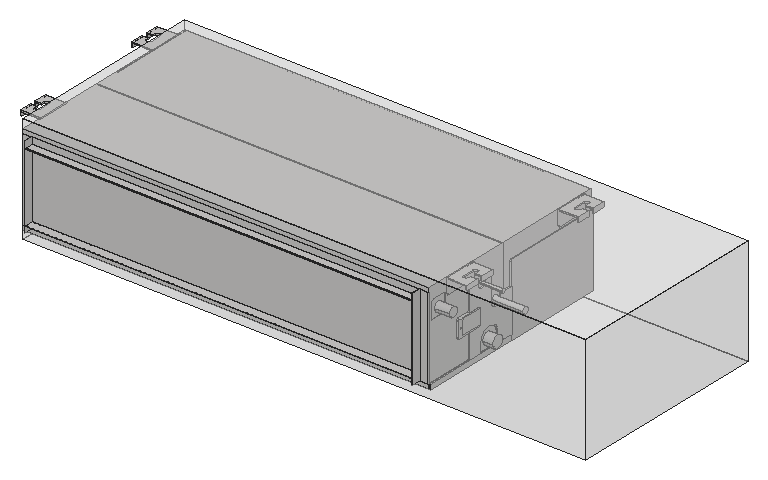
Revit family "outputfile", category 機械設備, Revit 2024
Family settings
  丸型コネクタ寸法 = 半径を使用
  パーツ タイプ = 標準
  OmniClass 番号 = 23.75.10.24.21.27.27
  OmniClass タイトル = Split System Air Conditioning Units
  作業面ベース = いいえ
  常に垂直 = はい
  ロード時にボイドで切り取り = いいえ
  注釈の向きを維持 = いいえ
  共有 = いいえ
  部屋計算ポイント = はい
Parameters (values of type "FXDQ40TV1CA")
  Description = ""
  製造元 = "Daikin"
  書き出し IFC クラス(タイプ) = "IfcUnitaryEquipmentType"
  定義済み IFC タイプ(タイプ) = "AIRCONDITIONINGUNIT"
  Cost = 0
  モデル = "FXDQ40TV1CA"
  Type Comments = ""
  Keynote = ""
  Type Image = (empty or 0)
  Assembly Code = ""
  r_Liquid Pipe Size = Liquid Pipe Size / 2  # 3.2 mm
  r_Gas Pipe Size = Gas Pipe Size / 2  # 6.35 mm
  r_Drain Pipe Size = Drain Pipe Size / 2  # 10.0 mm
  lw_powersuply = 65.0 mm  # constant formula
  lh_suctionflange [instance] = [h***] + 100.5 mm  # 100.5 mm
  lh_mounting = lh_mountinghole + [h***]  # 200.0 mm
  ld_suctionflange [instance] = if(and(Rear Connection_Return Air, Width = 700.0 mm), 94.5 mm, if(and(Rear Connection_Return Air, Width = 900.0 mm), 94.0 mm, if(and(Rear Connection_Return Air, Width = 1100.0 mm), 94.0 mm, 100.5 mm)))  # 94.0 mm
  ld_powersuply = 64.0 mm  # constant formula
  ld_mountinghole_Back = if(Width = 900.0 mm, 169.0 mm, 165.0 mm)  # 169.0 mm
  ld_mountinghole_Front = if(Width = 900.0 mm, 140.0 mm, 144.0 mm)  # 140.0 mm
  ld_RA_below = if(Width = 700.0 mm, 189.0 mm, 188.0 mm)  # 188.0 mm
  ld_RA = if(Width = 700.0 mm, 94.5 mm, 94.0 mm)  # 94.0 mm
  angle_vertical_RA [instance] = if(Rear Connection_Return Air, 90.00°, 0.00°)  # 90.00°
  angle horizontal_RA [instance] = if(Rear Connection_Return Air, 180.00°, 270.00°)  # 180.00°
  Voltage_comment_50Hz = "220-240"
  Voltage_50Hz = 220 V
  URL = ""
  Supply Air Direction [instance] = yes
  Sound Power Level_H speed (dB) = 0
  Rear Connection_Return Air [instance] = not(Bottom Connection_Return Air)  # yes
  Phase_50Hz = 1
  Minimum External Static Pressure = 10.00 Pa
  Minimum Circuit Amps_50Hz = 1.9 A
  Maximum Fuse Amps_50Hz = 15.0 A
  Maximum External Static Pressure = 60.00 Pa
  Material_Casing = DAIKIN_GalvanizedSteel_Casing_indoorunit
  ld_liquidpipe = 142.0 mm  # constant formula
  ld_gaspipe = 181.0 mm  # constant formula
  lw_mountinghole = Width + 52.0 mm  # 952.0 mm
  ld_drainpipe = 28.0 mm  # constant formula
  lh_liquidpipe = 151.0 mm
  lh_gaspipe = 101.0 mm
  lh_mountinghole = 200.0 mm  # constant formula
  lh_drainpipe = 152.0 mm  # constant formula
  h_antenna = Height - lh_mountinghole + 1.0 mm  # 1.0 mm
  h*** = 0.0 mm  # constant formula
  Width = 900.0 mm
  Version = "ver.1.0"
  Unit Type = "Slim Duct (Standard) Type"
  Unit Mass Weight = 21.00 kg
  Unit Designation [instance] = ""
  Uniclass2015Version = "Products v1.30"
  Uniclass2015Title = "Variable refrigerant flow units"
  Uniclass2015Code = "Pr_70_65_03_94"
  Total Heating Capacity [instance] = 0.000 kW
  Total Cooling Capacity [instance] = 0.000 kW
  Sound Pressure Level_M speed (dBA) = 0
  Sound Pressure Level_L speed (dBA) = 29
  Sound Pressure Level_H speed (dBA) = 34
  Series = "VRV Fan Coil Unit"
  Sensible Cooling Capacity [instance] = 0.000 kW
  SA Duct Size Width = if(Width = 900.0 mm, 860.0 mm, if(Width = 1100.0 mm, 1060.0 mm, 660.0 mm))  # 860.0 mm
  SA Duct Size Height = 153.0 mm  # constant formula
  Refrigerant Type = "R410A"
  RA Duct Size Width = if(Width = 900.0 mm, 775.0 mm, if(Width = 1100.0 mm, 975.0 mm, 575.0 mm))  # 775.0 mm
  RA Duct Size Height [instance] = if(Rear Connection_Return Air, 163.0 mm, if(Width = 700.0 mm, 153.0 mm, 152.0 mm))  # 163.0 mm
  Power Input (Heating) = 0.050 kW
  Power Input (Cooling) = 0.050 kW
  Option Accessory 3 [instance] = ""
  Option Accessory 2 [instance] = ""
  Option Accessory 1 [instance] = ""
  Nominal Heating Capacity = 5.000 kW
  Nominal Cooling Capacity = 4.500 kW
  Minimum Airflow = 0.00 m³/h
  Median Airflow = 0.00 m³/h
  Maximum Airflow = 756.00 m³/h
  Load Classification = HVAC
  Liquid Pipe Size = 6.4 mm
  Link_Nested Family [instance] = ""
  IfcVersion = "0"
  IfcExportType = "AIRCONDITIONINGUNIT"
  IfcExportAs = "IfcUnitaryEquipmentType"
  Height = 200.0 mm
  Heating Entering Wet Bulb Temperature [instance] = 0.00 °C
  Heating Entering Dry Bulb Temperature [instance] = 0.00 °C
  Heating Ambient Wet Bulb Temperature [instance] = 0.00 °C
  Heating Ambient Dry Bulb Temperature [instance] = 0.00 °C
  Heat Exchanger Type = "Cross Fin Coil"
  Gas Pipe Size = 12.7 mm
  Frequency_50Hz = 50 Hz
  Fan Type = "Sirocco Fan"
  Fan Drive = "Direct Drive"
  FCU Tag No. [instance] = ""
  Drain Pipe Size = 20.0 mm
  Design Supply Airflow [instance] = 0.00 m³/h
  Design Return Airflow [instance] = 0.00 m³/h
  Design External Static Pressure [instance] = 0.00 Pa
  Depth = 450.0 mm
  既定の高さ = 0.0 mm
  Cooling Entering Wet Bulb Temperature [instance] = 0.00 °C
  Cooling Entering Dry Bulb Temperature [instance] = 0.00 °C
  Cooling Ambient Wet Bulb Temperature [instance] = 0.00 °C
  Cooling Ambient Dry Bulb Temperature [instance] = 0.00 °C
  Clearance visibility [instance] = yes
  Clearance Top = 20.0 mm
  Clearance Right = 350.0 mm
  Clearance Rear = 0.0 mm
  Clearance Left = 0.0 mm
  Clearance Front = 0.0 mm
  Clearance Bottom = 20.0 mm
  Bottom Connection_Return Air [instance] = no
Reference planes
  plane 1 "Center (Front/Back)": y = 0
  plane 2 "Bottom": z = -200
  plane 3 "Center (Left/Right)": x = 0
  plane 4 "Back": y = 225
  plane 5 "Front": y = -225
  plane 6 "Left": x = -450
  plane 7 "Right": x = 450
  plane 8 "Top": z = 0
  plane 9 "BB": y = -20
  plane 10 "condensate water pan": z = -190
  plane 11 "Below": z = -200
  plane 12 "Other components Right": x = 455
  plane 13 "Other components Left": x = 445
  plane 14 "lh_drainpipe": z = -48
  plane 15 "ld_drainpipe": y = -197
  plane 16 "drainpipe": x = 483
  plane 17 "lh_liquidpipe": z = -49
  plane 18 "ld_liquidpipe": y = -83
  plane 19 "ld_gaspipe": y = -44
  plane 20 "lh_gaspipe": z = -99
  plane 21: x = 503
  plane 22: x = 520
  plane 23: x = 474
  plane 24 "w_mountinghole_Left": x = -476
  plane 25 "w_mountinghole_Right": x = 476
  plane 26 "d_mountinghole_Back": y = 169
  plane 27 "d_mountinghole_Front": y = -140
  plane 28 "h_mountinghole": z = 0
  plane 29 "lw_powersuply": x = 385
  plane 30 "ld_powersuply": y = -161
  plane 31 "Clearance Left": x = -450
  plane 32 "Clearance Right": x = 800
  plane 33 "Clearance Rear": y = 225
  plane 34 "Clearance Front": y = -225
  plane 35 "Clearance Bottom": z = -220
  plane 36 "Clearance Top": z = 20
  plane 37 "RA": y = 224
  plane 38: z = -199
  plane 39 "RA_d": y = 131
  plane 40 "RA_w": x = -51.5
  plane 41 "RA_h": z = -99.5
  plane 42 "SA_h": z = -99
  plane 43 "RA_dd": y = 37
Forms (mm)
  Extrusion 1, solid, material "DAIKIN_GalvanizedSteel_Casing_indoorunit" <- "Material_Casing"
    sketch origin (0, 0, 100) x (0, 1, 0) y (0, 0, 1)
      loop
        line (-20, -100) -> (-20, -300) -> (225, -300) -> (225, -100) -> (-20, -100)
    from -450 to 450
  Extrusion 2, solid, material "DAIKIN_GalvanizedSteel_Casing_indoorunit" <- "Material_Casing"
    sketch origin (0, 0, 100) x (0, 1, 0) y (0, 0, 1)
      loop
        line (-225, -100) -> (-225, -290) -> (-20, -290) -> (-20, -100) -> (-225, -100)
    from -450 to 450
  Extrusion 3, solid, material "DAIKIN_GalvanizedSteel_Casing_indoorunit" <- "Material_Casing"
    sketch origin (0, 0, 100) x (0, 1, 0) y (0, 0, 1)
      loop
        line (-225, -290) -> (-225, -300) -> (-20, -300) -> (-20, -290) -> (-225, -290)
    from -450 to 450
  Extrusion 4, solid, material "DAIKIN_GalvanizedSteel_Casing_indoorunit" <- "Material_Casing"
    sketch origin (0, 0, 0) x (0, 1, 0) y (0, 0, 1)
      loop
        arc (2, -40) -> (-0.121, -40.879) -> (-1, -43) r 3
        line (-1, -43) -> (-1, -197)
        arc (-1, -197) -> (-0.121, -199.121) -> (2, -200) r 3
        line (2, -200) -> (225, -200) -> (225, -40) -> (2, -40)
    from 450 to 455
  Extrusion 5, solid, material "DAIKIN_GalvanizedSteel_Casing_indoorunit" <- "Material_Casing"
    sketch origin (620, 0, 0) x (0, 1, 0) y (0, 0, 1)
      loop
        line (-225, -190) -> (-225, -200) -> (-2, -200) -> (-2, -193)
        arc (-2, -193) -> (-2.879, -190.879) -> (-5, -190) r 3
        line (-5, -190) -> (-225, -190)
    from -170 to -165
  Extrusion 6, void
    sketch origin (0, 0, 0) x (0, 1, 0) y (0, 0, 1)
      loop
        arc (-145.64, -94.17) -> (-147.761, -95.049) -> (-148.64, -97.17) r 3
        line (-148.64, -97.17) -> (-148.64, -131.17)
        arc (-148.64, -131.17) -> (-147.761, -133.291) -> (-145.64, -134.17) r 3
        line (-145.64, -134.17) -> (-91.78, -134.17)
        arc (-91.78, -134.17) -> (-89.659, -133.291) -> (-88.78, -131.17) r 3
        line (-88.78, -131.17) -> (-88.78, -97.17)
        arc (-88.78, -97.17) -> (-89.659, -95.049) -> (-91.78, -94.17) r 3
        line (-91.78, -94.17) -> (-145.64, -94.17)
    from 445 to 455
  Extrusion 7, void
    sketch origin (460, 0, 0) x (0, 1, 0) y (0, 0, 1)
      loop
        arc (-212.95, -27.05) -> (-216.486, -28.514) -> (-217.95, -32.05) r 5
        line (-217.95, -32.05) -> (-217.95, -63.95)
        arc (-217.95, -63.95) -> (-216.486, -67.486) -> (-212.95, -68.95) r 5
        line (-212.95, -68.95) -> (-181.05, -68.95)
        arc (-181.05, -68.95) -> (-177.514, -67.486) -> (-176.05, -63.95) r 5
        line (-176.05, -63.95) -> (-176.05, -32.05)
        arc (-176.05, -32.05) -> (-177.514, -28.514) -> (-181.05, -27.05) r 5
        line (-181.05, -27.05) -> (-212.95, -27.05)
    from -15 to -5
  Extrusion 8, solid, material "DAIKIN_GalvanizedSteel_Casing_indoorunit" <- "Material_Casing"
    sketch origin (700, 0, 0) x (0, 1, 0) y (0, 0, 1)
      loop
        line (-116.823, -42) -> (-116.823, -190) -> (-87.438, -190) -> (-87.438, -167.881)
        arc (-87.438, -167.881) -> (-62.998, -143.441) -> (-38.558, -167.881) r 24.44
        line (-38.558, -167.881) -> (-38.558, -190) -> (-1, -190) -> (-1, -92.773) -> (-27.497, -92.773)
        arc (-27.497, -92.773) -> (-28.911, -93.359) -> (-29.497, -94.773) r 2
        line (-29.497, -94.773) -> (-29.497, -99)
        arc (-29.497, -99) -> (-43.997, -113.5) -> (-58.497, -99) r 14.5
        line (-58.497, -99) -> (-58.497, -42.3)
        arc (-58.497, -42.3) -> (-59.171, -40.674) -> (-60.797, -40) r 2.3
        line (-60.797, -40) -> (-69, -40)
        arc (-69, -40) -> (-70.414, -40.586) -> (-71, -42) r 2
        line (-71, -42) -> (-71, -49)
        arc (-71, -49) -> (-83, -61) -> (-95, -49) r 12
        line (-95, -49) -> (-95, -42)
        arc (-95, -42) -> (-95.586, -40.586) -> (-97, -40) r 2
        line (-97, -40) -> (-114.823, -40)
        arc (-114.823, -40) -> (-116.237, -40.586) -> (-116.823, -42) r 2
    from -250 to -245
  Extrusion 9, solid, material "DAIKIN_GalvanizedSteel_Casing_indoorunit" <- "Material_Casing"
    sketch origin (0, 0, 0) x (0, 1, 0) y (0, 0, 1)
      loop
        line (-91.78, -95.17) -> (-145.64, -95.17)
        arc (-145.64, -95.17) -> (-147.054, -95.756) -> (-147.64, -97.17) r 2
        line (-147.64, -97.17) -> (-147.64, -131.17)
        arc (-147.64, -131.17) -> (-147.054, -132.584) -> (-145.64, -133.17) r 2
        line (-145.64, -133.17) -> (-91.78, -133.17)
        arc (-91.78, -133.17) -> (-90.366, -132.584) -> (-89.78, -131.17) r 2
        line (-89.78, -131.17) -> (-89.78, -97.17)
        arc (-89.78, -97.17) -> (-90.366, -95.756) -> (-91.78, -95.17) r 2
    from 445 to 455
  Extrusion 10, solid, material "DAIKIN_GalvanizedSteel_Casing_indoorunit" <- "Material_Casing"
    sketch origin (0, 0, 0) x (0, 1, 0) y (0, 0, 1)
      loop
        line (-89.78, -97.67) -> (-136.14, -97.67) -> (-136.14, -130.67) -> (-89.78, -130.67) -> (-89.78, -97.67)
      loop
        circle (-142.64, -114.17) r 1.5
    from 450 to 455
  Extrusion 11, solid, material "DAIKIN_GalvanizedSteel_Casing_indoorunit" <- "Material_Casing"
    sketch origin (0, 0, 0) x (0, 1, 0) y (0, 0, 1)
      loop
        circle (-197, -48) r 10
    from 450 to 483
  Extrusion 12, solid, material "DAIKIN_GalvanizedSteel_Casing_indoorunit" <- "Material_Casing"
    sketch origin (0, 0, 0) x (0, 1, 0) y (0, 0, 1)
      loop
        circle (-83, -49) r 3.2
    from 450 to 503
  Extrusion 13, solid, material "DAIKIN_GalvanizedSteel_Casing_indoorunit" <- "Material_Casing"
    sketch origin (0, 0, 0) x (0, 1, 0) y (0, 0, 1)
      loop
        circle (-44, -99) r 6.35
    from 450 to 520
  Extrusion 14, solid, material "DAIKIN_GalvanizedSteel_Casing_indoorunit" <- "Material_Casing"
    sketch origin (0, 0, 0) x (0, 1, 0) y (0, 0, 1)
      loop
        circle (-62.998, -169) r 13
    from 450 to 474
  Extrusion 15, void
    sketch origin (0, 0, 0) x (1, 0, 0) y (0, 0, 1)
      loop
        line (346, -1) -> (-449, -1) -> (-449, -200) -> (346, -200) -> (346, -1)
    from -225 to -37
  Extrusion 16, solid, material "DAIKIN_GalvanizedSteel_Casing_indoorunit" <- "Material_Casing", visible <- "Bottom Connection_Return Air"
    sketch origin (0, 0, 0) x (1, 0, 0) y (0, 0, 1)
      loop
        line (346, -1) -> (-449, -1) -> (-449, -200) -> (346, -200) -> (346, -1)
    from -225 to -224
  Extrusion 17, solid, material "DAIKIN_GalvanizedSteel_Casing_indoorunit" <- "Material_Casing", visible <- "Rear Connection_Return Air"
    sketch origin (0, 0, 0) x (1, 0, 0) y (0, 1, 0)
      loop
        line (-449, 37) -> (346, 37) -> (346, 225) -> (-449, 225) -> (-449, 37)
    from -200 to -199
Cuts and joins
  Extrusion 6, Extrusion 7 cuts Extrusion 2
  Extrusion 6 cuts Extrusion 8
  Extrusion 15 cuts Extrusion 1
Dimensions and locks
  locked: plane 9 "BB" to plane 1 "Center (Front/Back)" at 20
  equal spacing: plane 4 "Back", plane 1 "Center (Front/Back)", plane 5 "Front"
  "Depth": plane 4 "Back" to plane 5 "Front"
  plane 9 "BB" to plane 4 "Back" = 245.0 mm
  plane 5 "Front" to plane 9 "BB" = 205.0 mm
  equal spacing: plane 6 "Left", plane 3 "Center (Left/Right)", plane 7 "Right"
  "Width": plane 6 "Left" to plane 7 "Right"
  locked: plane 1 "Center (Front/Back)" to plane 9 "BB" at 20
  "h***": plane 11 "Below" to plane 2 "Bottom"
  locked: plane 10 "condensate water pan" to plane 11 "Below" at 10
  "Height": plane 8 "Top" to plane 11 "Below"
  locked: Extrusion 4 sketch curve to plane 4 "Back" at 226
  locked: Extrusion 4 sketch curve to plane 11 "Below" at 160
  locked: plane 7 "Right" to plane 12 "Other components Right" at 5
  locked: plane 13 "Other components Left" to plane 7 "Right" at 5
  "lh_drainpipe": plane 14 "lh_drainpipe" to plane 11 "Below"
  plane 5 "Front" to plane 15 "ld_drainpipe" = 28.0 mm
  "ld_drainpipe": plane 15 "ld_drainpipe" to plane 5 "Front"
  locked: plane 7 "Right" to plane 16 "drainpipe" at 33
  "lh_liquidpipe": plane 17 "lh_liquidpipe" to plane 11 "Below"
  "ld_liquidpipe": plane 18 "ld_liquidpipe" to plane 5 "Front"
  "ld_gaspipe": plane 19 "ld_gaspipe" to plane 5 "Front"
  plane 5 "Front" to plane 18 "ld_liquidpipe" = 142.0 mm
  plane 5 "Front" to plane 19 "ld_gaspipe" = 181.0 mm
  "lh_gaspipe": plane 20 "lh_gaspipe" to plane 11 "Below"
  locked: plane 7 "Right" to plane 21 at 53
  locked: plane 7 "Right" to plane 22 at 70
  locked: plane 7 "Right" to plane 23 at 24
  equal spacing: plane 24 "w_mountinghole_Left", plane 3 "Center (Left/Right)", plane 25 "w_mountinghole_Right"
  "lw_mountinghole": plane 24 "w_mountinghole_Left" to plane 25 "w_mountinghole_Right"
  plane 26 "d_mountinghole_Back" to plane 27 "d_mountinghole_Front" = 309.0 mm
  "lh_mountinghole": plane 28 "h_mountinghole" to plane 11 "Below"
  "lw_powersuply": plane 29 "lw_powersuply" to plane 7 "Right"
  "ld_powersuply": plane 5 "Front" to plane 30 "ld_powersuply"
  "Clearance Rear": plane 33 "Clearance Rear" to plane 4 "Back"
  "Clearance Front": plane 5 "Front" to plane 34 "Clearance Front"
  "Clearance Bottom": plane 11 "Below" to plane 35 "Clearance Bottom"
  "Clearance Top": plane 36 "Clearance Top" to plane 8 "Top"
  "Clearance Left": plane 31 "Clearance Left" to plane 6 "Left"
  "Clearance Right": plane 7 "Right" to plane 32 "Clearance Right"
  locked: cut or joined group of Extrusion 1, Extrusion 15 to plane 6 "Left" at 1
  locked: plane 7 "Right" to cut or joined group of Extrusion 1, Extrusion 15 at 104
  locked: plane 4 "Back" to plane 37 "RA" at 1
  locked: plane 6 "Left" to Extrusion 17 sketch curve at 1
  locked: Extrusion 17 sketch curve to plane 7 "Right" at 104
  locked: plane 38 to plane 11 "Below" at 1
  locked: plane 40 "RA_w" to plane 3 "Center (Left/Right)" at 51.5
  "ld_RA": plane 39 "RA_d" to plane 4 "Back"
  locked: plane 11 "Below" to plane 41 "RA_h" at 100.5
  locked: plane 11 "Below" to plane 42 "SA_h" at 101
  "ld_mountinghole_Back": plane 26 "d_mountinghole_Back" to plane 1 "Center (Front/Back)"
  "ld_mountinghole_Front": plane 27 "d_mountinghole_Front" to plane 1 "Center (Front/Back)"
  "ld_RA_below": plane 4 "Back" to plane 43 "RA_dd"
  "r_Liquid Pipe Size": radius of Extrusion 12 sketch curve
  "r_Gas Pipe Size": radius of Extrusion 13 sketch curve
  "r_Drain Pipe Size": radius of Extrusion 11 sketch curve
  aligned and locked: Extrusion 1 sketch curve to plane 8 "Top"
  aligned and locked: Extrusion 1 sketch curve to plane 9 "BB"
  aligned and locked: Extrusion 1 sketch curve to plane 4 "Back"
  aligned and locked: Extrusion 2 sketch curve to plane 9 "BB"
  aligned and locked: Extrusion 2 sketch curve to plane 8 "Top"
  aligned and locked: plane 5 "Front" to Extrusion 2 sketch curve
  aligned and locked: Extrusion 1 to plane 6 "Left"
  aligned and locked: plane 7 "Right" to Extrusion 1
  aligned and locked: Extrusion 2 to plane 6 "Left"
  aligned and locked: plane 7 "Right" to Extrusion 2
  aligned and locked: plane 10 "condensate water pan" to Extrusion 2 sketch curve
  aligned and locked: Extrusion 3 sketch curve to plane 10 "condensate water pan"
  aligned and locked: plane 5 "Front" to Extrusion 3 sketch curve
  aligned and locked: plane 9 "BB" to Extrusion 3 sketch curve
  aligned and locked: Extrusion 3 to plane 6 "Left"
  aligned and locked: plane 7 "Right" to Extrusion 3
  aligned and locked: plane 11 "Below" to Extrusion 3
  aligned and locked: Extrusion 1 to plane 11 "Below"
  aligned and locked: plane 11 "Below" to Extrusion 4 sketch curve
  aligned and locked: Extrusion 4 sketch curve to plane 4 "Back"
  aligned and locked: Extrusion 4 to plane 7 "Right"
  aligned and locked: plane 12 "Other components Right" to Extrusion 4
  aligned and locked: Extrusion 5 sketch curve to plane 10 "condensate water pan"
  aligned and locked: plane 5 "Front" to Extrusion 5 sketch curve
  aligned and locked: plane 11 "Below" to Extrusion 5 sketch curve
  aligned and locked: Extrusion 5 to plane 7 "Right"
  aligned and locked: plane 12 "Other components Right" to Extrusion 5
  aligned and locked: Extrusion 8 to plane 7 "Right"
  aligned and locked: plane 12 "Other components Right" to Extrusion 8
  aligned and locked: Extrusion 6 to plane 13 "Other components Left"
  aligned and locked: Extrusion 7 to plane 13 "Other components Left"
  aligned and locked: plane 12 "Other components Right" to Extrusion 7
  aligned and locked: plane 12 "Other components Right" to Extrusion 6
  aligned and locked: Extrusion 10 to plane 7 "Right"
  aligned and locked: Extrusion 9 to plane 13 "Other components Left"
  aligned and locked: plane 16 "drainpipe" to Extrusion 11
  aligned and locked: Extrusion 11 to plane 7 "Right"
  aligned and locked: plane 12 "Other components Right" to Extrusion 9
  aligned and locked: plane 12 "Other components Right" to Extrusion 10
  aligned and locked: Extrusion 12 to plane 7 "Right"
  aligned and locked: plane 21 to Extrusion 12
  aligned and locked: Extrusion 13 sketch curve to plane 19 "ld_gaspipe"
  aligned and locked: plane 20 "lh_gaspipe" to Extrusion 13 sketch curve
  aligned and locked: Extrusion 12 sketch curve to plane 18 "ld_liquidpipe"
  aligned and locked: plane 17 "lh_liquidpipe" to Extrusion 12 sketch curve
  aligned and locked: plane 14 "lh_drainpipe" to Extrusion 11 sketch curve
  aligned and locked: Extrusion 11 sketch curve to plane 15 "ld_drainpipe"
  aligned and locked: Extrusion 13 to plane 7 "Right"
  aligned and locked: plane 22 to Extrusion 13
  aligned and locked: Extrusion 14 to plane 7 "Right"
  aligned and locked: plane 23 to Extrusion 14
  aligned and locked: plane 25 "w_mountinghole_Right" to nested 2
  aligned and locked: nested 2 to plane 26 "d_mountinghole_Back"
  aligned and locked: plane 28 "h_mountinghole" to nested 2
  aligned and locked: plane 27 "d_mountinghole_Front" to nested 3
  aligned and locked: plane 25 "w_mountinghole_Right" to nested 3
  aligned and locked: plane 24 "w_mountinghole_Left" to nested 4
  aligned and locked: plane 26 "d_mountinghole_Back" to nested 4
  aligned and locked: plane 24 "w_mountinghole_Left" to nested 5
  aligned and locked: nested 5 to plane 27 "d_mountinghole_Front"
  aligned and locked: plane 28 "h_mountinghole" to nested 4
  aligned and locked: plane 28 "h_mountinghole" to nested 5
  aligned and locked: plane 28 "h_mountinghole" to nested 3
  aligned and locked: plane 24 "w_mountinghole_Left" to nested 1
  aligned and locked: nested 1 to plane 26 "d_mountinghole_Back"
  aligned and locked: plane 27 "d_mountinghole_Front" to nested 6
  aligned and locked: plane 24 "w_mountinghole_Left" to nested 6
  aligned and locked: nested 7 to plane 25 "w_mountinghole_Right"
  aligned and locked: nested 7 to plane 26 "d_mountinghole_Back"
  aligned and locked: plane 27 "d_mountinghole_Front" to nested 8
  aligned and locked: nested 8 to plane 25 "w_mountinghole_Right"
  aligned and locked: plane 15 "ld_drainpipe" to nested 9
  aligned and locked: plane 7 "Right" to nested 9
  aligned and locked: plane 14 "lh_drainpipe" to nested 9
  aligned and locked: plane 7 "Right" to nested 11
  aligned and locked: plane 7 "Right" to nested 10
  aligned and locked: plane 18 "ld_liquidpipe" to nested 10
  aligned and locked: plane 19 "ld_gaspipe" to nested 11
  aligned and locked: nested 10 to plane 17 "lh_liquidpipe"
  aligned and locked: nested 11 to plane 20 "lh_gaspipe"
  aligned and locked: plane 31 "Clearance Left" to nested 12
  aligned and locked: nested 12 to plane 33 "Clearance Rear"
  aligned and locked: plane 34 "Clearance Front" to nested 12
  aligned and locked: nested 12 to plane 32 "Clearance Right"
  aligned and locked: plane 36 "Clearance Top" to nested 12
  aligned and locked: plane 35 "Clearance Bottom" to nested 12
  aligned and locked: nested 13 to plane 29 "lw_powersuply"
  aligned and locked: plane 30 "ld_powersuply" to nested 13
  aligned and locked: nested 13 to plane 20 "lh_gaspipe"
  aligned and locked: plane 3 "Center (Left/Right)" to nested 14
  aligned and locked: plane 1 "Center (Front/Back)" to nested 14
  aligned and locked: plane 1 "Center (Front/Back)" to nested 15
  aligned and locked: nested 15 to plane 11 "Below"
  aligned and locked: plane 3 "Center (Left/Right)" to nested 16
  aligned and locked: plane 3 "Center (Left/Right)" to nested 17
  aligned and locked: plane 8 "Top" to nested 16
  aligned and locked: plane 4 "Back" to Extrusion 15
  aligned and locked: plane 4 "Back" to Extrusion 16
  aligned and locked: Extrusion 16 to plane 37 "RA"
  aligned and locked: Extrusion 17 to plane 11 "Below"
  aligned and locked: plane 38 to Extrusion 17
  aligned and locked: plane 39 "RA_d" to nested 18
  aligned and locked: plane 1 "Center (Front/Back)" to nested 19
  aligned and locked: plane 3 "Center (Left/Right)" to nested 19
  aligned and locked: plane 42 "SA_h" to nested 19
  aligned and locked: nested 16 to plane 37 "RA"
  aligned and locked: nested 16 to plane 4 "Back"
  aligned and locked: nested 17 to plane 38
  aligned and locked: nested 17 to plane 37 "RA"
  aligned and locked: Extrusion 15 to plane 43 "RA_dd"
  aligned and locked: Extrusion 17 sketch curve to plane 43 "RA_dd"
  aligned and locked: level to plane 8 "Top"
Automatic sketch dimensions
  Extrusion 1 sketch curve to plane 10 "condensate water pan" = 10.0 mm
  Extrusion 3 sketch curve to plane 10 "condensate water pan" = 10.0 mm
  Extrusion 4 sketch curve to plane 10 "condensate water pan" = 7.0 mm
  Extrusion 4 sketch curve to plane 1 "Center (Front/Back)" = 2.0 mm
  plane 1 "Center (Front/Back)" to Extrusion 5 sketch curve = 2.0 mm
  Extrusion 5 sketch curve to plane 10 "condensate water pan" = 3.0 mm
  plane 5 "Front" to Extrusion 6 sketch curve = 76.36 mm
  Extrusion 6 sketch curve to Extrusion 6 sketch curve = 3.0 mm  (x3)
  Extrusion 6 sketch curve to Extrusion 6 sketch curve = 53.86 mm
  Extrusion 6 sketch curve to Extrusion 6 sketch curve = 0.0 mm
  plane 10 "condensate water pan" to Extrusion 6 sketch curve = 55.83 mm
  Extrusion 6 sketch curve to Extrusion 6 sketch curve = 34.0 mm
  plane 5 "Front" to Extrusion 7 sketch curve = 7.05 mm
  Extrusion 7 sketch curve to Extrusion 7 sketch curve = 5.0 mm  (x3)
  Extrusion 7 sketch curve to Extrusion 7 sketch curve = 31.9 mm  (x3)
  Extrusion 7 sketch curve to plane 8 "Top" = 68.95 mm
  Extrusion 8 sketch curve to plane 10 "condensate water pan" = 0.0 mm  (x2)
  Extrusion 8 sketch curve to plane 9 "BB" = 96.823 mm
  Extrusion 8 sketch curve to Extrusion 8 sketch curve = 2.0 mm  (x4)
  Extrusion 8 sketch curve to Extrusion 8 sketch curve = 17.823 mm
  Extrusion 8 sketch curve to Extrusion 8 sketch curve = 29.385 mm
  Extrusion 8 sketch curve to Extrusion 8 sketch curve = 12.0 mm
  Extrusion 8 sketch curve to Extrusion 8 sketch curve = 24.44 mm
  Extrusion 8 sketch curve to Extrusion 8 sketch curve = 8.203 mm
  Extrusion 8 sketch curve to plane 9 "BB" = 38.497 mm
  Extrusion 8 sketch curve to Extrusion 8 sketch curve = 14.5 mm
  plane 1 "Center (Front/Back)" to Extrusion 8 sketch curve = 1.0 mm
  Extrusion 8 sketch curve to Extrusion 8 sketch curve = 22.119 mm
  Extrusion 8 sketch curve to Extrusion 8 sketch curve = 68.881 mm
  Extrusion 8 sketch curve to Extrusion 8 sketch curve = 4.227 mm
  Extrusion 8 sketch curve to plane 8 "Top" = 49.0 mm
  Extrusion 8 sketch curve to Extrusion 8 sketch curve = 6.7 mm
  Extrusion 8 sketch curve to Extrusion 8 sketch curve = 7.0 mm
  plane 5 "Front" to Extrusion 9 sketch curve = 79.36 mm
  Extrusion 9 sketch curve to Extrusion 9 sketch curve = 2.0 mm  (x3)
  Extrusion 9 sketch curve to Extrusion 9 sketch curve = 53.86 mm
  Extrusion 9 sketch curve to Extrusion 9 sketch curve = 0.0 mm
  plane 10 "condensate water pan" to Extrusion 9 sketch curve = 56.83 mm
  Extrusion 9 sketch curve to Extrusion 9 sketch curve = 34.0 mm
  plane 5 "Front" to Extrusion 10 sketch curve = 82.36 mm
  Extrusion 10 sketch curve to Extrusion 10 sketch curve = 6.5 mm
  Extrusion 10 sketch curve to Extrusion 10 sketch curve = 46.36 mm
  plane 10 "condensate water pan" to Extrusion 10 sketch curve = 59.33 mm
  Extrusion 10 sketch curve to Extrusion 10 sketch curve = 16.5 mm  (x2)
  Extrusion 14 sketch curve to plane 19 "ld_gaspipe" = 18.998 mm
  plane 10 "condensate water pan" to Extrusion 14 sketch curve = 21.0 mm
  plane 6 "Left" to Extrusion 15 sketch curve = 1.0 mm
  plane 35 "Clearance Bottom" to Extrusion 15 sketch curve = 20.0 mm
  plane 29 "lw_powersuply" to Extrusion 15 sketch curve = 39.0 mm
  Extrusion 15 sketch curve to plane 8 "Top" = 1.0 mm
  plane 6 "Left" to Extrusion 16 sketch curve = 1.0 mm
  Extrusion 16 sketch curve to plane 11 "Below" = 0.0 mm
  plane 29 "lw_powersuply" to Extrusion 16 sketch curve = 39.0 mm
  Extrusion 16 sketch curve to plane 8 "Top" = 1.0 mm
  Extrusion 17 sketch curve to plane 4 "Back" = 0.0 mm
  radius of Extrusion 10 sketch curve = 1.5 mm
  radius of Extrusion 14 sketch curve = 13.0 mm
Nested families
  nested 1: "daikin_mountinghole" at (-476, 169, -200), h_mountinghole <- "lh_mounting", l_antenna <- "h_antenna", Link_Nested Family <- "Link_Nested Family", type "daikin_mountinghole"
    with show yes, l_antenna 1.0 mm, h_mountinghole 200.0 mm, Link_Nested Family ""
  nested 2: "daikin_hangerfixture_FXDQ-TV1C(A)" at (450, 169, 0), type "daikin_hangerfixture_FXDQ-TV1C(A)"
  nested 3: "daikin_hangerfixture_FXDQ-TV1C(A)" at (450, -140, 0), type "daikin_hangerfixture_FXDQ-TV1C(A)"
  nested 4: "daikin_hangerfixture_FXDQ-TV1C(A)" at (-450, 169, 0) x (-1, 0, 0) z (0, 0, 1), type "daikin_hangerfixture_FXDQ-TV1C(A)"
  nested 5: "daikin_hangerfixture_FXDQ-TV1C(A)" at (-450, -140, 0) x (-1, 0, 0) z (0, 0, 1), type "daikin_hangerfixture_FXDQ-TV1C(A)"
  nested 6: "daikin_mountinghole" at (-476, -140, -200), h_mountinghole <- "lh_mounting", l_antenna <- "h_antenna", Link_Nested Family <- "Link_Nested Family", type "daikin_mountinghole"
    with show yes, l_antenna 1.0 mm, h_mountinghole 200.0 mm, Link_Nested Family ""
  nested 7: "daikin_mountinghole" at (476, 169, -200), h_mountinghole <- "lh_mounting", l_antenna <- "h_antenna", Link_Nested Family <- "Link_Nested Family", type "daikin_mountinghole"
    with show yes, l_antenna 1.0 mm, h_mountinghole 200.0 mm, Link_Nested Family ""
  nested 8: "daikin_mountinghole" at (476, -140, -200), h_mountinghole <- "lh_mounting", l_antenna <- "h_antenna", Link_Nested Family <- "Link_Nested Family", type "daikin_mountinghole"
    with show yes, l_antenna 1.0 mm, h_mountinghole 200.0 mm, Link_Nested Family ""
  nested 9: "daikin_connector_rotate2" at (450, -197, -48) x (0, 1, 0) z (0, 0, 1), radius <- "r_Drain Pipe Size", type "daikin_connector_rotate2"
    with radius 10.0 mm, length 33.0 mm, angle_vertical 90.00°, show_face no
  nested 10: "daikin_connector_rotate2" at (450, -83, -49) x (0, 1, 0) z (0, 0, 1), radius <- "r_Liquid Pipe Size", type "daikin_connector_rotate2"
    with radius 3.2 mm, length 53.0 mm, angle_vertical 90.00°, show_face no
  nested 11: "daikin_connector_rotate2" at (450, -44, -99) x (0, 1, 0) z (0, 0, 1), radius <- "r_Gas Pipe Size", type "daikin_connector_rotate2"
    with radius 6.35 mm, length 70.0 mm, angle_vertical 90.00°, show_face no
  nested 12: "daikin_clearancespace" at (175, 0, -99.881), visible <- "Clearance visibility", show <- "Clearance visibility", Link_Nested Family <- "Link_Nested Family", type "daikin_clearancespace"
    with width 1250.0 mm, show yes, height 240.0 mm, depth 450.0 mm, Link_Nested Family ""
  nested 13: "daikin_connector_rotate2" at (385, -161, -99) x (1, 0, 0) z (0, -1, 0), type "daikin_connector_rotate2"
    with radius 10.0 mm, length 101.0 mm, angle_vertical 90.00°, show_face no
  nested 14: "daikin_△_symbolicline" at (0, 0, 200), visible <- "Supply Air Direction", built-in parameter 1001360 <- "Height", type "daikin_△_symbolicline"
    with length 200.0 mm
  nested 15: "daikin_ductflange_FXDQ-TV1C(A)1" at (0, 0, -364.701), width <- "SA Duct Size Width", height <- "SA Duct Size Height", material <- "Material_Casing", type "daikin_ductflange_FXDQ-TV1C(A)1"
    with width 860.0 mm, material DAIKIN_GalvanizedSteel_Casing_indoorunit, height 153.0 mm, depth 20.0 mm
  nested 16: "daikin_ductflange_FXDQ-TV1C(A)2" at (0, 225, -99.5), visible <- "Rear Connection_Return Air", height <- "RA Duct Size Height", width <- "RA Duct Size Width", material <- "Material_Casing", type "daikin_ductflange_FXDQ-TV1C(A)2"
    with width 775.0 mm, material DAIKIN_GalvanizedSteel_Casing_indoorunit, height 163.0 mm, depth 1.0 mm
  nested 17: "daikin_ductflange_FXDQ-TV1C(A)2" at (0, 125.5, -200) x (1, 0, 0) z (0, 1, 0), visible <- "Bottom Connection_Return Air", width <- "RA Duct Size Width", height <- "RA Duct Size Height", type "daikin_ductflange_FXDQ-TV1C(A)2"
    with width 775.0 mm, material DAIKIN_GalvanizedSteel_Casing_indoorunit, height 163.0 mm, depth 1.0 mm
  nested 18: "daikin_connector_rotate3" at (-51.5, 131, -99.5), angle_vertical <- "angle_vertical_RA", angle_horizontal <- "angle horizontal_RA", length <- "ld_suctionflange", built-in parameter 1001364 <- "lh_suctionflange", type "daikin_connector_rotate3"
    with show yes, radius 10.0 mm, length 94.0 mm, angle_vertical 90.00°, angle_horizontal 180.00°
  nested 19: "daikin_connector_rotate2" at (0, 0, -99), type "daikin_connector_rotate2"
    with radius 10.0 mm, length 245.0 mm, angle_vertical 90.00°, show_face no
Connectors
  piping at (483, -197, -48), diameter 20, driven by "r_Drain Pipe Size"
    settings: on nested 9, index 1, connector inside diameter 609.6 mm, connector length 0.0 mm, flow factor 0, pipe flow 0.00 m³/h, pressure drop 0.0 Pa, fitting loss kfactor 0, connector angle 0.00°, fixture units 0, engagement length 0.0 mm, angle of deflection 0.00°, flow configuration 1, flow direction 2, fitting loss method 4, system type 16, joint type 0, gender type 0, connector reference index -1, connector utility 0, adjustable connector no, is connector primary yes, connector description "Condensate Drain Piping"
  piping at (520, -44, -99), diameter 12.7, driven by "r_Gas Pipe Size"
    settings: on nested 11, index 2, connector inside diameter 609.6 mm, connector length 0.0 mm, flow factor 0, pipe flow 0.00 m³/h, pressure drop 0.0 Pa, fitting loss kfactor 0, connector angle 0.00°, fixture units 0, engagement length 0.0 mm, angle of deflection 0.00°, flow configuration 1, flow direction 2, fitting loss method 0, system type 29, joint type 0, gender type 0, connector reference index -1, connector utility 0, adjustable connector no, is connector primary no, connector description "Refrigerant Gas Piping"
  piping at (503, -83, -49), diameter 6.4, driven by "r_Liquid Pipe Size"
    settings: on nested 10, index 3, connector inside diameter 609.6 mm, connector length 0.0 mm, flow factor 0, pipe flow 0.00 m³/h, pressure drop 0.0 Pa, fitting loss kfactor 0, connector angle 0.00°, fixture units 0, engagement length 0.0 mm, angle of deflection 0.00°, flow configuration 1, flow direction 1, fitting loss method 0, system type 29, joint type 0, gender type 0, connector reference index -1, connector utility 0, adjustable connector no, is connector primary no, connector description "Refrigerant Liquid Piping"
  electrical at (385, -161, -200), driven by "Load Classification"
    settings: on nested 13, index 4, voltage 0 V, apparent load 0 VA, apparent load phase1 0 VA, apparent load phase2 0 VA, apparent load phase3 0 VA, power factor 1, load classification "HVAC", number of poles 1, system type 30, power factor state 1, is connector primary yes, connector utility no, sub classification motor no, connector description "Power Supply"
  hvac at (-51.5, 225, -99.5), driven by "RA Duct Size Height", driven by "RA Duct Size Width"
    settings: on nested 18, index 5, duct flow 0.00 m³/h, flow factor 0, pres drop 0.00 Pa, loss coef 0, conn angle 0.00°, conn width 775.0 mm, conn height 163.0 mm, conn diameter 609.6 mm, duct sys type 2, conn prof type 1, flow config 0, flow direction 1, loss method 4, conn ref index -1, conn util no, is conn primary yes, conn desc "RA Duct"
  hvac at (0, -245, -99), driven by "SA Duct Size Height", driven by "SA Duct Size Width"
    settings: on nested 19, index 6, duct flow 0.00 m³/h, flow factor 0, pres drop 0.00 Pa, loss coef 0, conn angle 0.00°, conn width 860.0 mm, conn height 153.0 mm, conn diameter 609.6 mm, duct sys type 1, conn prof type 1, flow config 0, flow direction 2, loss method 4, conn ref index -1, conn util no, is conn primary no, conn desc "SA Duct"
Definition of nested family "daikin_hangerfixture_FXDQ-TV1C(A)"
  Parameters (values of type "daikin_hangerfixture_FXDQ-TV1C(A)")
    width = 46.0 mm
    material = none
    height = 35.0 mm
    depth = 70.0 mm
    Default Elevation = 0.0 mm
  Reference planes
    plane 1 "Center (Front/Back)": y = 0
    plane 2: z = 0
    plane 3 "Center (Left/Right)": x = 0
    plane 4: z = -35
    plane 5: y = 35
    plane 6: y = -35
    plane 7: x = 46
    plane 8: z = -2
    plane 9: x = 44
    plane 10: x = 2
    plane 11: x = 26
  Forms (mm)
    Extrusion 1, solid, material <- "material"
      sketch origin (0, 0, 0) x (1, 0, 0) y (0, 1, 0)
        loop
          line (0, 35) -> (0, -35) -> (46, -35) -> (46, -6.5) -> (31.85, -6.5) -> (31.85, -12.15)
          arc (31.85, -12.15) -> (26, -18) -> (20.15, -12.15) r 5.85
          line (20.15, -12.15) -> (20.15, 12.15)
          arc (20.15, 12.15) -> (26, 18) -> (31.85, 12.15) r 5.85
          line (31.85, 12.15) -> (31.85, 6.5) -> (46, 6.5) -> (46, 35) -> (0, 35)
      from -2 to 0
    Extrusion 2, solid, material <- "material"
      sketch origin (0, 0, 0) x (0, 1, 0) y (0, 0, 1)
        loop
          line (35, 0) -> (6.5, 0) -> (6.5, -8)
          arc (6.5, -8) -> (7.379, -10.121) -> (9.5, -11) r 3
          line (9.5, -11) -> (32, -11)
          arc (32, -11) -> (34.121, -10.121) -> (35, -8) r 3
          line (35, -8) -> (35, 0)
        loop
          line (-35, 0) -> (-35, -8)
          arc (-35, -8) -> (-34.121, -10.121) -> (-32, -11) r 3
          line (-32, -11) -> (-9.5, -11)
          arc (-9.5, -11) -> (-7.379, -10.121) -> (-6.5, -8) r 3
          line (-6.5, -8) -> (-6.5, 0) -> (-35, 0)
      from 44 to 46
    Extrusion 3, solid, material <- "material"
      sketch origin (0, 0, 0) x (0, 1, 0) y (0, 0, 1)
        loop
          line (-37.5, 0) -> (-37.5, -30) -> (-32.5, -35) -> (32.5, -35) -> (37.5, -30) -> (37.5, 0) -> (-37.5, 0)
      from 0 to 2
  Cuts and joins
    joined: Extrusion 1, Extrusion 2, Extrusion 3
  Dimensions and locks
    "height": plane 2 to plane 4
    plane 2 to plane 8 = 2.0 mm
    equal spacing: plane 5, plane 1 "Center (Front/Back)", plane 6
    "depth": plane 5 to plane 6
    "width": plane 3 "Center (Left/Right)" to plane 7
    plane 3 "Center (Left/Right)" to plane 11 to plane 7 = 26.0 mm, 20.0 mm
    locked: cut or joined group of Extrusion 1, Extrusion 2, Extrusion 3 to plane 5 at 2.5
    locked: cut or joined group of Extrusion 1, Extrusion 2, Extrusion 3 to plane 6 at 2.5
    aligned and locked: level to plane 2
    aligned and locked: plane 2 to Extrusion 1
    aligned and locked: Extrusion 1 to plane 8
    aligned and locked: plane 7 to Extrusion 2
    aligned and locked: Extrusion 2 to plane 9
    aligned and locked: plane 2 to Extrusion 2
    aligned and locked: plane 4 to Extrusion 3 sketch curve
    aligned and locked: Extrusion 3 sketch curve to plane 2
    aligned and locked: Extrusion 3 to plane 3 "Center (Left/Right)"
    aligned and locked: Extrusion 3 to plane 10
  Automatic sketch dimensions
    Extrusion 1 sketch curve to plane 3 "Center (Left/Right)" = 0.0 mm
    Extrusion 1 sketch curve to plane 7 = 0.0 mm  (x2)
    Extrusion 1 sketch curve to plane 6 = 0.0 mm
    Extrusion 1 sketch curve to plane 5 = 0.0 mm
    plane 3 "Center (Left/Right)" to Extrusion 1 sketch curve = 20.15 mm
    Extrusion 1 sketch curve to Extrusion 1 sketch curve = 5.85 mm  (x2)
    plane 1 "Center (Front/Back)" to Extrusion 1 sketch curve = 12.15 mm
    Extrusion 1 sketch curve to Extrusion 1 sketch curve = 5.65 mm  (x2)
    Extrusion 1 sketch curve to plane 1 "Center (Front/Back)" = 6.5 mm
    Extrusion 2 sketch curve to level = 0.0 mm  (x2)
    Extrusion 2 sketch curve to plane 6 = 0.0 mm
    Extrusion 2 sketch curve to Extrusion 2 sketch curve = 3.0 mm  (x2)
    plane 1 "Center (Front/Back)" to Extrusion 2 sketch curve = 9.5 mm
    plane 1 "Center (Front/Back)" to Extrusion 2 sketch curve = 6.5 mm
    Extrusion 2 sketch curve to plane 1 "Center (Front/Back)" = 6.5 mm
    Extrusion 2 sketch curve to plane 5 = 3.0 mm
    Extrusion 2 sketch curve to plane 5 = 0.0 mm
    Extrusion 2 sketch curve to plane 8 = 6.0 mm  (x2)
    Extrusion 3 sketch curve to Extrusion 3 sketch curve = 5.0 mm  (x2)
    plane 4 to Extrusion 3 sketch curve = 5.0 mm  (x2)
    Extrusion 3 sketch curve to plane 6 = 2.5 mm
    Extrusion 3 sketch curve to plane 5 = 2.5 mm
Definition of nested family "daikin_clearancespace"
  Parameters (values of type "daikin_clearancespace")
    width [instance] = 1823.963 mm
    show [instance] = yes
    material = none
    height [instance] = 1359.762 mm
    depth [instance] = 880.0 mm
    Default Elevation = 0.0 mm
    Link_Nested Family [instance] = ""
  Reference planes
    plane 1 "Center (Front/Back)": y = 0
    plane 2 "Center (Elevation)": z = -0.119
    plane 3 "Center (Left/Right)": x = 0
    plane 4: y = 440
    plane 5: y = -440
    plane 6 "Right": x = 911.982
    plane 7 "Left": x = -911.982
    plane 8 "Top": z = 679.762
    plane 9 "Bottom": z = -680
  Forms (mm)
    Extrusion 1, solid, material <- "material", visible <- "show"
      sketch origin (0, 0, 0) x (1, 0, 0) y (0, 1, 0)
        loop
          line (-911.982, 440) -> (-911.982, -440) -> (911.982, -440) -> (911.982, 440) -> (-911.982, 440)
      from -680 to 679.762
  Lines and regions (mm)
    symbolic lines, visible <- "show"
      curve 1: line (911.982, 440, 0) -> (-911.982, 440, 0)
      curve 2: line (-911.982, 440, 0) -> (-911.982, -440, 0)
      curve 3: line (-911.982, -440, 0) -> (911.982, -440, 0)
      curve 4: line (911.982, -440, 0) -> (911.982, 440, 0)
      curve 5: line (911.982, 0, 679.762) -> (-911.982, 0, 679.762)
      curve 6: line (911.982, 0, -680) -> (911.982, 0, 679.762)
      curve 7: line (-911.982, 0, -680) -> (911.982, 0, -680)
      curve 8: line (-911.982, 0, 679.762) -> (-911.982, 0, -680)
      curve 9: line (0, 440, 679.762) -> (0, -440, 679.762)
      curve 10: line (0, -440, 679.762) -> (0, -440, -680)
      curve 11: line (0, 440, -680) -> (0, 440, 679.762)
      curve 12: line (0, -440, -680) -> (0, 440, -680)
  Dimensions and locks
    "width": plane 7 "Left" to plane 6 "Right"
    "depth": plane 4 to plane 5
    "height": plane 8 "Top" to plane 9 "Bottom"
    equal spacing: plane 7 "Left", plane 3 "Center (Left/Right)", plane 6 "Right"
    equal spacing: plane 4, plane 1 "Center (Front/Back)", plane 5
    equal spacing: plane 8 "Top", plane 2 "Center (Elevation)", plane 9 "Bottom"
    aligned and locked: level to plane 2 "Center (Elevation)"
    aligned and locked: Extrusion 1 sketch curve to plane 4
    aligned and locked: plane 7 "Left" to Extrusion 1 sketch curve
    aligned and locked: Extrusion 1 sketch curve to plane 5
    aligned and locked: Extrusion 1 sketch curve to plane 6 "Right"
    aligned and locked: plane 8 "Top" to Extrusion 1
    aligned and locked: curve 1 to Extrusion 1
    aligned and locked: curve 2 to Extrusion 1
    aligned and locked: curve 3 to Extrusion 1
    aligned and locked: curve 4 to Extrusion 1
    aligned and locked: curve 5 to Extrusion 1
    aligned and locked: curve 6 to Extrusion 1
    aligned and locked: curve 7 to Extrusion 1
    aligned and locked: curve 8 to Extrusion 1
    aligned and locked: curve 9 to Extrusion 1
    aligned and locked: curve 10 to Extrusion 1
    aligned and locked: curve 11 to Extrusion 1
    aligned and locked: curve 12 to Extrusion 1
    aligned and locked: Extrusion 1 to plane 9 "Bottom"
Definition of nested family "daikin_ductflange_FXDQ-TV1C(A)1"
  Parameters (values of type "daikin_ductflange_FXDQ-TV1C(A)1")
    width [instance] = 660.0 mm
    material [instance] = none
    height [instance] = 160.0 mm
    h*** = 100.0 mm
    depth [instance] = 20.0 mm
    Default Elevation = 0.0 mm
  Reference planes
    plane 1 "Center (Front/Back)": y = 0
    plane 2: z = 189.201
    plane 3 "Center (Left/Right)": x = 0
    plane 4: y = -225
    plane 5: x = -330
    plane 6: x = 330
    plane 7: y = -245
    plane 8: z = 189.201
    plane 9: z = 349.201
    plane 10: z = 269.201
    plane 11: z = 363.701
    plane 12: z = 164.701
  Forms (mm)
    Extrusion 1, solid, material <- "material"
      sketch origin (0, 0, -1) x (0, 1, 0) y (0, 0, 1)
        loop
          line (-225, 350.201) -> (-225, 364.701) -> (-226, 364.701) -> (-226, 351.201) -> (-245, 351.201) -> (-245, 350.201) -> (-225, 350.201)
        loop
          line (-225, 190.201) -> (-245, 190.201) -> (-245, 189.201) -> (-226, 189.201) -> (-226, 175.701) -> (-225, 175.701) -> (-225, 190.201)
      from -330 to 330
    Extrusion 2, solid, material <- "material"
      sketch origin (0, 0, 188.201) x (1, 0, 0) y (0, 1, 0)
        loop
          line (330, -225) -> (330, -245) -> (331, -245) -> (331, -226) -> (350, -226) -> (350, -225) -> (330, -225)
        loop
          line (-330, -225) -> (-350, -225) -> (-350, -226) -> (-331, -226) -> (-331, -245) -> (-330, -245) -> (-330, -225)
      from -13.5 to 175.5
  Dimensions and locks
    equal spacing: plane 6, plane 3 "Center (Left/Right)", plane 5
    "width": plane 6 to plane 5
    locked: plane 6 to Extrusion 2 sketch curve at 20
    locked: Extrusion 2 sketch curve to plane 5 at 20
    "height": plane 9 to plane 8
    equal spacing: plane 9, plane 10, plane 8
    "depth": plane 4 to plane 7
    plane 4 to plane 1 "Center (Front/Back)" = 225.0 mm
    locked: Extrusion 1 sketch curve to plane 9 at 14.5
    locked: plane 8 to Extrusion 1 sketch curve at 14.5
    locked: plane 11 to plane 9 at 14.5
    aligned and locked: level to plane 2
    aligned and locked: Extrusion 1 to plane 5
    aligned and locked: Extrusion 1 to plane 9
    aligned and locked: plane 6 to Extrusion 1
    aligned and locked: plane 5 to Extrusion 1  (x2)
    aligned and locked: Extrusion 2 sketch curve to plane 6
    aligned and locked: plane 7 to Extrusion 2 sketch curve
    aligned and locked: Extrusion 2 to Extrusion 1
    aligned and locked: Extrusion 1 to Extrusion 2
    aligned and locked: plane 9 to Extrusion 1
    aligned and locked: plane 8 to Extrusion 1
    aligned and locked: plane 9 to Extrusion 1 sketch curve
    aligned and locked: Extrusion 1 sketch curve to plane 8
  Automatic sketch dimensions
    Extrusion 1 sketch curve to plane 7 = 0.0 mm  (x2)
    Extrusion 1 sketch curve to plane 4 = 0.0 mm  (x2)
    Extrusion 1 sketch curve to plane 4 = 1.0 mm  (x2)
    Extrusion 1 sketch curve to level = 1.0 mm
    Extrusion 2 sketch curve to plane 4 = 0.0 mm  (x2)
    Extrusion 2 sketch curve to plane 7 = 0.0 mm
    Extrusion 2 sketch curve to plane 5 = 0.0 mm
    Extrusion 2 sketch curve to plane 5 = 1.0 mm
    Extrusion 2 sketch curve to Extrusion 2 sketch curve = 1.0 mm
    Extrusion 2 sketch curve to plane 4 = 1.0 mm  (x2)
    plane 9 to Extrusion 1 sketch curve = 1.0 mm
Definition of nested family "daikin_ductflange_FXDQ-TV1C(A)2"
  Parameters (values of type "daikin_ductflange_FXDQ-TV1C(A)2")
    width [instance] = 575.0 mm
    material [instance] = none
    height [instance] = 163.0 mm
    depth [instance] = 1.0 mm
    Default Elevation = 0.0 mm
  Reference planes
    plane 1 "Center (Front/Back)": y = 0
    plane 2: z = 0
    plane 3 "Center (Left/Right)": x = 0
    plane 4: z = 81.5
    plane 5: z = -81.5
    plane 6: y = -1
    plane 7: x = -350
    plane 8: x = 350
    plane 9: x = 247
    plane 10: x = 241
    plane 11: x = -344
    plane 12: x = 236
    plane 13: x = -339
    plane 14: x = -51.5
    plane 15: z = 99.5
  Forms (mm)
    Extrusion 1, solid, material <- "material"
      sketch origin (0, 0, 0) x (1, 0, 0) y (0, 0, 1)
        loop
          line (-339, 81.5) -> (-339, -81.5) -> (236, -81.5) -> (236, 81.5) -> (-339, 81.5)
        loop
          line (-349, -99.5) -> (246, -99.5) -> (246, 98.5) -> (-349, 98.5) -> (-349, -99.5)
      from 0 to 1
  Dimensions and locks
    "depth": plane 6 to plane 1 "Center (Front/Back)"
    locked: plane 10 to plane 8 at 109
    locked: plane 11 to plane 10 at 585
    plane 13 to plane 7 = 11.0 mm
    plane 9 to plane 12 = 11.0 mm
    locked: plane 14 to plane 3 "Center (Left/Right)" at 51.5
    equal spacing: plane 13, plane 14, plane 12
    "width": plane 13 to plane 12
    locked: plane 15 to plane 4 at 18
    equal spacing: plane 4, plane 2, plane 5
    "height": plane 4 to plane 5
    equal spacing: plane 7, plane 3 "Center (Left/Right)", plane 8
    plane 7 to plane 8 = 700.0 mm
    locked: Extrusion 1 sketch curve to plane 7 at 1
    locked: plane 9 to Extrusion 1 sketch curve at 1
    locked: Extrusion 1 sketch curve to plane 4 at 17
    locked: plane 5 to Extrusion 1 sketch curve at 18
    aligned and locked: level to plane 2
    aligned and locked: Extrusion 1 to plane 1 "Center (Front/Back)"
    aligned and locked: Extrusion 1 to plane 6
    aligned and locked: plane 13 to Extrusion 1 sketch curve
    aligned and locked: Extrusion 1 sketch curve to plane 12
  Automatic sketch dimensions
    Extrusion 1 sketch curve to plane 5 = 0.0 mm
    Extrusion 1 sketch curve to plane 4 = 0.0 mm
Definition of nested family "daikin_connector_rotate3"
  Parameters (values of type "daikin_connector_rotate3")
    Default Elevation = 1219.2 mm
    show [instance] = yes
    radius [instance] = 10.0 mm
    length [instance] = 600.0 mm
    angle_horizontal [instance] = 60.00°
    angle_vertical [instance] = 90.00°
  Reference planes
    plane 1 "Center (Front/Back)": y = 0
    plane 2: z = 0
    plane 3 "Center (Left/Right)": x = 0
  Dimensions and locks
    "angle_horizontal": angle plane 3 "Center (Left/Right)" to nested 1
    aligned and locked: level to plane 2
    aligned and locked: plane 1 "Center (Front/Back)" to nested 1  (x2)
    aligned and locked: plane 3 "Center (Left/Right)" to nested 1
  Nested families
    nested 1: "daikin_connector_rotate2" at (0, 0, 0) x (0.5, 0.866, 0) z (0, 0, 1), angle_vertical <- "angle_vertical", length <- "length", radius <- "radius", type "daikin_connector_rotate2"
      with radius 10.0 mm, length 600.0 mm, angle_vertical 90.00°
  Definition of nested family "daikin_connector_rotate2"
    Parameters (values of type "daikin_connector_rotate2")
      show_face = yes
      radius [instance] = 10.0 mm
      length [instance] = 600.0 mm
      d_surface = 10.0 mm
      angle_vertical [instance] = 90.00°
      Default Elevation = 0.0 mm
    Reference planes
      plane 1 "Center (Front/Back)": y = 0
      plane 2: z = 0
      plane 3 "Center (Left/Right)": x = 0
    Forms (mm)
      Extrusion 1, solid, visible <- "show_face"
        sketch origin (0, -600, 0) x (1, 0, 0) y (0, 0, 1)
          loop
            circle (0, 0) r 10
        from 0 to -10
    Lines and regions (mm)
      reference lines
        curve 1: line (0, 0, 0) -> (0, -600, 0)
      symbolic lines
        curve 2: circle (0, 0, 0) r 5 normal (0, 0, 1)
      model lines, visible <- "show_face"
        curve 3: line (0, 0, 0) -> (0, -600, 0)
    Dimensions and locks
      "length": curve 1 to curve 1
      "length": curve 3 to curve 3
      "d_surface": Extrusion 1 to Extrusion 1
      "radius": radius of Extrusion 1 sketch curve
      "angle_vertical": angle curve 1 to plane 1 "Center (Front/Back)"
      "angle_vertical": angle curve 3 to plane 1 "Center (Front/Back)"
      aligned and locked: level to plane 2
      aligned and locked: plane 1 "Center (Front/Back)" to curve 1
      aligned and locked: plane 2 to curve 1
      aligned and locked: plane 1 "Center (Front/Back)" to curve 2
      aligned and locked: plane 3 "Center (Left/Right)" to curve 2
      aligned and locked: plane 1 "Center (Front/Back)" to curve 3
      aligned and locked: plane 2 to curve 3
      aligned and locked: Extrusion 1 to Extrusion 1
    Automatic sketch dimensions
      Extrusion 1 sketch curve to level = 0.0 mm
      Extrusion 1 sketch curve to plane 3 "Center (Left/Right)" = 0.0 mm
      radius of curve 2 = 5.0 mm
Definition of nested family "daikin_mountinghole"
  Parameters (values of type "daikin_mountinghole")
    Default Elevation = 1219.2 mm
    Type Comments = "mountinghole"
    show [instance] = yes
    material = none
    l_centerline = 100.0 mm
    l_antenna [instance] = 100.0 mm
    h_mountinghole [instance] = 0.0 mm
    d_circle = 30.0 mm
    Link_Nested Family [instance] = ""
  Reference planes
    plane 1 "Center (Front/Back)": y = 0
    plane 2: z = 0
    plane 3 "Center (Left/Right)": x = 0
    plane 4: y = 50
    plane 5: x = -50
    plane 6: x = 50
    plane 7: y = -50
    plane 8 "h_mountinghole": z = 0
    plane 9: z = 100
  Lines and regions (mm)
    model lines, detail levels fine
      curve 1: circle (0, 0, 0) r 15 normal (0, 0, 1)
      curve 2: line (-50, 0, 0) -> (50, 0, 0)
      curve 3: line (0, 50, 0) -> (0, -50, 0)
    symbolic lines, detail levels fine
      curve 4: circle (0, 0, 0) r 15 normal (0, 0, 1)
      curve 5: line (-50, 0, 0) -> (50, 0, 0)
      curve 6: line (0, 50, 0) -> (0, -50, 0)
    model lines
      curve 7: line (0, 0, 100) -> (0, 0, 0)
  Dimensions and locks
    equal spacing: plane 4, plane 1 "Center (Front/Back)", plane 7
    "l_centerline": plane 4 to plane 7
    equal spacing: plane 5, plane 3 "Center (Left/Right)", plane 6
    "l_centerline": plane 5 to plane 6
    "l_antenna": plane 9 to plane 8 "h_mountinghole"
    "h_mountinghole": plane 8 "h_mountinghole" to plane 2
    "d_circle": diameter of curve 1
    "d_circle": diameter of curve 4
    aligned and locked: level to plane 2
    aligned and locked: plane 1 "Center (Front/Back)" to curve 1
    aligned and locked: plane 3 "Center (Left/Right)" to curve 1
    aligned and locked: plane 1 "Center (Front/Back)" to curve 2
    aligned and locked: curve 3 to plane 3 "Center (Left/Right)"
    aligned and locked: plane 6 to curve 2
    aligned and locked: plane 5 to curve 2
    aligned and locked: plane 4 to curve 3
    aligned and locked: plane 7 to curve 3
    aligned and locked: plane 1 "Center (Front/Back)" to curve 4
    aligned and locked: plane 3 "Center (Left/Right)" to curve 4
    aligned and locked: plane 6 to curve 5
    aligned and locked: plane 5 to curve 5
    aligned and locked: plane 1 "Center (Front/Back)" to curve 5
    aligned and locked: plane 4 to curve 6
    aligned and locked: plane 7 to curve 6
    aligned and locked: curve 6 to plane 3 "Center (Left/Right)"
    aligned and locked: curve 7 to plane 3 "Center (Left/Right)"
    aligned and locked: plane 9 to curve 7
    aligned and locked: plane 8 "h_mountinghole" to curve 7
Definition of nested family "daikin_connector_rotate2"
  Parameters (values of type "daikin_connector_rotate2")
    show_face = yes
    radius [instance] = 10.0 mm
    length [instance] = 600.0 mm
    d_surface = 10.0 mm
    angle_vertical [instance] = 90.00°
    Default Elevation = 0.0 mm
  Reference planes
    plane 1 "Center (Front/Back)": y = 0
    plane 2: z = 0
    plane 3 "Center (Left/Right)": x = 0
  Forms (mm)
    Extrusion 1, solid, visible <- "show_face"
      sketch origin (0, -600, 0) x (1, 0, 0) y (0, 0, 1)
        loop
          circle (0, 0) r 10
      from 0 to -10
  Lines and regions (mm)
    reference lines
      curve 1: line (0, 0, 0) -> (0, -600, 0)
    symbolic lines
      curve 2: circle (0, 0, 0) r 5 normal (0, 0, 1)
    model lines, visible <- "show_face"
      curve 3: line (0, 0, 0) -> (0, -600, 0)
  Dimensions and locks
    "length": curve 1 to curve 1
    "length": curve 3 to curve 3
    "d_surface": Extrusion 1 to Extrusion 1
    "radius": radius of Extrusion 1 sketch curve
    "angle_vertical": angle curve 1 to plane 1 "Center (Front/Back)"
    "angle_vertical": angle curve 3 to plane 1 "Center (Front/Back)"
    aligned and locked: level to plane 2
    aligned and locked: plane 1 "Center (Front/Back)" to curve 1
    aligned and locked: plane 2 to curve 1
    aligned and locked: plane 1 "Center (Front/Back)" to curve 2
    aligned and locked: plane 3 "Center (Left/Right)" to curve 2
    aligned and locked: plane 1 "Center (Front/Back)" to curve 3
    aligned and locked: plane 2 to curve 3
    aligned and locked: Extrusion 1 to Extrusion 1
  Automatic sketch dimensions
    Extrusion 1 sketch curve to level = 0.0 mm
    Extrusion 1 sketch curve to plane 3 "Center (Left/Right)" = 0.0 mm
    radius of curve 2 = 5.0 mm
Definition of nested family "daikin_△_symbolicline"
  Parameters (values of type "daikin_△_symbolicline")
    length [instance] = 500.0 mm
    Default Elevation = 0.0 mm
  Reference planes
    plane 1 "Center (Front/Back)": y = 0
    plane 2: z = 0
    plane 3 "Center (Left/Right)": x = 0
  Lines and regions (mm)
    symbolic lines
      curve 1: line (0, -433.013, 0) -> (250, 0, 0)
      curve 2: line (250, 0, 0) -> (-250, 0, 0)
      curve 3: line (-250, 0, 0) -> (0, -433.013, 0)
  Dimensions and locks
    equal spacing: curve 3, plane 3 "Center (Left/Right)", curve 2
    "length": curve 3 to curve 2
    "length": curve 3 to curve 3
    "length": curve 1 to curve 1
    aligned and locked: level to plane 2
    aligned and locked: curve 2 to plane 1 "Center (Front/Back)"
    aligned and locked: plane 3 "Center (Left/Right)" to curve 3
